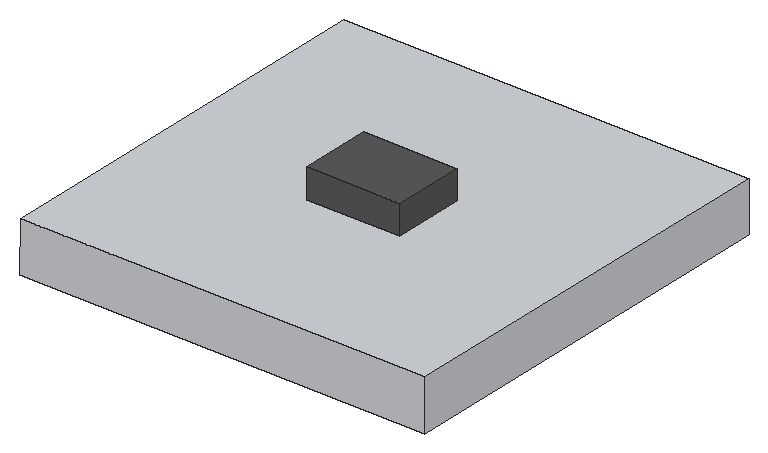
Revit family "r2018_videomax_storage", category Устройства связи, Revit 2018 (continued)
Definition of nested family "videomax_19 4U (JBOD)"
  Lines and regions (mm)
    model lines, visible <- "Back_500", detail levels fine
      curve 605: circle (23.513, 139.044, 0) r 1.912 normal (0, 0, 1)
      curve 606: circle (19.399, 135.648, 0) r 1.91 normal (0, 0, 1)
      curve 607: circle (23.513, 131.905, 0) r 1.912 normal (0, 0, 1)
      curve 608: circle (19.399, 128.509, 0) r 1.91 normal (0, 0, 1)
      curve 609: circle (31.74, 166.906, 0) r 1.912 normal (0, 0, 1)
      curve 610: circle (27.626, 163.51, 0) r 1.91 normal (0, 0, 1)
      curve 611: circle (31.74, 159.767, 0) r 1.912 normal (0, 0, 1)
      curve 612: circle (27.626, 156.371, 0) r 1.91 normal (0, 0, 1)
      curve 613: circle (31.74, 152.947, 0) r 1.912 normal (0, 0, 1)
      curve 614: circle (27.626, 149.552, 0) r 1.91 normal (0, 0, 1)
      curve 615: circle (31.74, 145.808, 0) r 1.912 normal (0, 0, 1)
      curve 616: circle (27.626, 142.412, 0) r 1.91 normal (0, 0, 1)
      curve 617: circle (31.74, 139.233, 0) r 1.912 normal (0, 0, 1)
      curve 618: circle (27.626, 135.837, 0) r 1.91 normal (0, 0, 1)
      curve 619: circle (31.74, 132.093, 0) r 1.912 normal (0, 0, 1)
      curve 620: circle (27.626, 128.697, 0) r 1.91 normal (0, 0, 1)
      curve 621: circle (39.967, 166.812, 0) r 1.912 normal (0, 0, 1)
      curve 622: circle (35.854, 163.416, 0) r 1.91 normal (0, 0, 1)
      curve 623: circle (39.967, 159.672, 0) r 1.912 normal (0, 0, 1)
      curve 624: circle (35.854, 156.276, 0) r 1.91 normal (0, 0, 1)
      curve 625: circle (39.967, 152.853, 0) r 1.912 normal (0, 0, 1)
      curve 626: circle (35.854, 149.457, 0) r 1.91 normal (0, 0, 1)
      curve 627: circle (39.967, 145.713, 0) r 1.912 normal (0, 0, 1)
      curve 628: circle (35.854, 142.318, 0) r 1.91 normal (0, 0, 1)
      curve 629: circle (39.967, 139.138, 0) r 1.912 normal (0, 0, 1)
      curve 630: circle (35.854, 135.743, 0) r 1.91 normal (0, 0, 1)
      curve 631: circle (39.967, 131.999, 0) r 1.912 normal (0, 0, 1)
      curve 632: circle (35.854, 128.603, 0) r 1.91 normal (0, 0, 1)
      curve 633: circle (48.195, 166.717, 0) r 1.912 normal (0, 0, 1)
      curve 634: circle (44.081, 163.322, 0) r 1.91 normal (0, 0, 1)
      curve 635: circle (48.195, 159.578, 0) r 1.912 normal (0, 0, 1)
      curve 636: circle (44.081, 156.182, 0) r 1.91 normal (0, 0, 1)
      curve 637: circle (48.195, 152.759, 0) r 1.912 normal (0, 0, 1)
      curve 638: circle (44.081, 149.363, 0) r 1.91 normal (0, 0, 1)
      curve 639: circle (48.195, 145.619, 0) r 1.912 normal (0, 0, 1)
      curve 640: circle (44.081, 142.223, 0) r 1.91 normal (0, 0, 1)
      curve 641: circle (48.195, 139.044, 0) r 1.912 normal (0, 0, 1)
      curve 642: circle (44.081, 135.648, 0) r 1.91 normal (0, 0, 1)
      curve 643: circle (48.195, 131.905, 0) r 1.912 normal (0, 0, 1)
      curve 644: circle (44.081, 128.509, 0) r 1.91 normal (0, 0, 1)
      curve 645: circle (56.376, 166.812, 0) r 1.912 normal (0, 0, 1)
      curve 646: circle (52.262, 163.416, 0) r 1.91 normal (0, 0, 1)
      curve 647: circle (56.376, 159.672, 0) r 1.912 normal (0, 0, 1)
      curve 648: circle (52.262, 156.276, 0) r 1.91 normal (0, 0, 1)
      curve 649: circle (56.376, 152.853, 0) r 1.912 normal (0, 0, 1)
      curve 650: circle (52.262, 149.457, 0) r 1.91 normal (0, 0, 1)
      curve 651: circle (56.376, 145.713, 0) r 1.912 normal (0, 0, 1)
      curve 652: circle (52.262, 142.318, 0) r 1.91 normal (0, 0, 1)
      curve 653: circle (56.376, 139.138, 0) r 1.912 normal (0, 0, 1)
      curve 654: circle (52.262, 135.743, 0) r 1.91 normal (0, 0, 1)
      curve 655: circle (56.376, 131.999, 0) r 1.912 normal (0, 0, 1)
      curve 656: circle (52.262, 128.603, 0) r 1.91 normal (0, 0, 1)
      curve 657: circle (64.603, 166.717, 0) r 1.912 normal (0, 0, 1)
      curve 658: circle (60.49, 163.322, 0) r 1.91 normal (0, 0, 1)
      curve 659: circle (64.603, 159.578, 0) r 1.912 normal (0, 0, 1)
      curve 660: circle (60.49, 156.182, 0) r 1.91 normal (0, 0, 1)
      curve 661: circle (64.603, 152.759, 0) r 1.912 normal (0, 0, 1)
      curve 662: circle (60.49, 149.363, 0) r 1.91 normal (0, 0, 1)
      curve 663: circle (64.603, 145.619, 0) r 1.912 normal (0, 0, 1)
      curve 664: circle (60.49, 142.223, 0) r 1.91 normal (0, 0, 1)
      curve 665: circle (64.603, 139.044, 0) r 1.912 normal (0, 0, 1)
      curve 666: circle (60.49, 135.648, 0) r 1.91 normal (0, 0, 1)
      curve 667: circle (64.603, 131.905, 0) r 1.912 normal (0, 0, 1)
      curve 668: circle (60.49, 128.509, 0) r 1.91 normal (0, 0, 1)
      curve 669: circle (72.831, 166.906, 0) r 1.912 normal (0, 0, 1)
      curve 670: circle (68.717, 163.51, 0) r 1.91 normal (0, 0, 1)
      curve 671: circle (72.831, 159.767, 0) r 1.912 normal (0, 0, 1)
      curve 672: circle (68.717, 156.371, 0) r 1.91 normal (0, 0, 1)
      curve 673: circle (72.831, 152.947, 0) r 1.912 normal (0, 0, 1)
      curve 674: circle (68.717, 149.552, 0) r 1.91 normal (0, 0, 1)
      curve 675: circle (72.831, 145.808, 0) r 1.912 normal (0, 0, 1)
      curve 676: circle (68.717, 142.412, 0) r 1.91 normal (0, 0, 1)
      curve 677: circle (72.831, 139.233, 0) r 1.912 normal (0, 0, 1)
      curve 678: circle (68.717, 135.837, 0) r 1.91 normal (0, 0, 1)
      curve 679: circle (72.831, 132.093, 0) r 1.912 normal (0, 0, 1)
      curve 680: circle (68.717, 128.697, 0) r 1.91 normal (0, 0, 1)
      curve 681: circle (81.058, 166.67, 0) r 1.912 normal (0, 0, 1)
      curve 682: circle (76.945, 163.274, 0) r 1.91 normal (0, 0, 1)
      curve 683: circle (81.058, 159.531, 0) r 1.912 normal (0, 0, 1)
      curve 684: circle (76.945, 156.135, 0) r 1.91 normal (0, 0, 1)
      curve 685: circle (81.058, 152.712, 0) r 1.912 normal (0, 0, 1)
      curve 686: circle (76.945, 149.316, 0) r 1.91 normal (0, 0, 1)
      curve 687: circle (81.058, 145.572, 0) r 1.912 normal (0, 0, 1)
      curve 688: circle (76.945, 142.176, 0) r 1.91 normal (0, 0, 1)
      curve 689: circle (81.058, 138.997, 0) r 1.912 normal (0, 0, 1)
      curve 690: circle (76.945, 135.601, 0) r 1.91 normal (0, 0, 1)
      curve 691: circle (81.058, 131.857, 0) r 1.912 normal (0, 0, 1)
      curve 692: circle (76.945, 128.462, 0) r 1.91 normal (0, 0, 1)
      curve 693: circle (89.286, 166.812, 0) r 1.912 normal (0, 0, 1)
      curve 694: circle (85.172, 163.416, 0) r 1.91 normal (0, 0, 1)
      curve 695: circle (89.286, 159.672, 0) r 1.912 normal (0, 0, 1)
      curve 696: circle (85.172, 156.276, 0) r 1.91 normal (0, 0, 1)
      curve 697: circle (89.286, 152.853, 0) r 1.912 normal (0, 0, 1)
      curve 698: circle (85.172, 149.457, 0) r 1.91 normal (0, 0, 1)
      curve 699: circle (89.286, 145.713, 0) r 1.912 normal (0, 0, 1)
      curve 700: circle (85.172, 142.318, 0) r 1.91 normal (0, 0, 1)
      curve 701: circle (89.286, 139.138, 0) r 1.912 normal (0, 0, 1)
      curve 702: circle (85.172, 135.743, 0) r 1.91 normal (0, 0, 1)
      curve 703: circle (89.286, 131.999, 0) r 1.912 normal (0, 0, 1)
      curve 704: circle (85.172, 128.603, 0) r 1.91 normal (0, 0, 1)
      curve 705: circle (97.513, 166.717, 0) r 1.912 normal (0, 0, 1)
      curve 706: circle (93.4, 163.322, 0) r 1.91 normal (0, 0, 1)
      curve 707: circle (97.513, 159.578, 0) r 1.912 normal (0, 0, 1)
      curve 708: circle (93.4, 156.182, 0) r 1.91 normal (0, 0, 1)
      curve 709: circle (97.513, 152.759, 0) r 1.912 normal (0, 0, 1)
      curve 710: circle (93.4, 149.363, 0) r 1.91 normal (0, 0, 1)
      curve 711: circle (97.513, 145.619, 0) r 1.912 normal (0, 0, 1)
      curve 712: circle (93.4, 142.223, 0) r 1.91 normal (0, 0, 1)
      curve 713: circle (97.513, 139.044, 0) r 1.912 normal (0, 0, 1)
      curve 714: circle (93.4, 135.648, 0) r 1.91 normal (0, 0, 1)
      curve 715: circle (97.513, 131.905, 0) r 1.912 normal (0, 0, 1)
      curve 716: circle (93.4, 128.509, 0) r 1.91 normal (0, 0, 1)
      curve 717: circle (105.741, 166.906, 0) r 1.912 normal (0, 0, 1)
      curve 718: circle (101.627, 163.51, 0) r 1.91 normal (0, 0, 1)
      curve 719: circle (105.741, 159.767, 0) r 1.912 normal (0, 0, 1)
      curve 720: circle (101.627, 156.371, 0) r 1.91 normal (0, 0, 1)
      curve 721: circle (105.741, 152.947, 0) r 1.912 normal (0, 0, 1)
      curve 722: circle (101.627, 149.552, 0) r 1.91 normal (0, 0, 1)
      curve 723: circle (105.741, 145.808, 0) r 1.912 normal (0, 0, 1)
      curve 724: circle (101.627, 142.412, 0) r 1.91 normal (0, 0, 1)
      curve 725: circle (105.741, 139.233, 0) r 1.912 normal (0, 0, 1)
      curve 726: circle (101.627, 135.837, 0) r 1.91 normal (0, 0, 1)
      curve 727: circle (105.741, 132.093, 0) r 1.912 normal (0, 0, 1)
      curve 728: circle (101.627, 128.697, 0) r 1.91 normal (0, 0, 1)
      curve 729: circle (113.968, 166.812, 0) r 1.912 normal (0, 0, 1)
      curve 730: circle (109.855, 163.416, 0) r 1.91 normal (0, 0, 1)
      curve 731: circle (113.968, 159.672, 0) r 1.912 normal (0, 0, 1)
      curve 732: circle (109.855, 156.276, 0) r 1.91 normal (0, 0, 1)
      curve 733: circle (113.968, 152.853, 0) r 1.912 normal (0, 0, 1)
      curve 734: circle (109.855, 149.457, 0) r 1.91 normal (0, 0, 1)
      curve 735: circle (113.968, 145.713, 0) r 1.912 normal (0, 0, 1)
      curve 736: circle (109.855, 142.318, 0) r 1.91 normal (0, 0, 1)
      curve 737: circle (113.968, 139.138, 0) r 1.912 normal (0, 0, 1)
      curve 738: circle (109.855, 135.743, 0) r 1.91 normal (0, 0, 1)
      curve 739: circle (113.968, 131.999, 0) r 1.912 normal (0, 0, 1)
      curve 740: circle (109.855, 128.603, 0) r 1.91 normal (0, 0, 1)
      curve 741: circle (122.196, 166.717, 0) r 1.912 normal (0, 0, 1)
      curve 742: circle (118.082, 163.322, 0) r 1.91 normal (0, 0, 1)
      curve 743: circle (122.196, 159.578, 0) r 1.912 normal (0, 0, 1)
      curve 744: circle (118.082, 156.182, 0) r 1.91 normal (0, 0, 1)
      curve 745: circle (122.196, 152.759, 0) r 1.912 normal (0, 0, 1)
      curve 746: circle (118.082, 149.363, 0) r 1.91 normal (0, 0, 1)
      curve 747: circle (122.196, 145.619, 0) r 1.912 normal (0, 0, 1)
      curve 748: circle (118.082, 142.223, 0) r 1.91 normal (0, 0, 1)
      curve 749: circle (122.196, 139.044, 0) r 1.912 normal (0, 0, 1)
      curve 750: circle (118.082, 135.648, 0) r 1.91 normal (0, 0, 1)
      curve 751: circle (122.196, 131.905, 0) r 1.912 normal (0, 0, 1)
      curve 752: circle (118.082, 128.509, 0) r 1.91 normal (0, 0, 1)
      curve 753: circle (130.631, 166.812, 0) r 1.912 normal (0, 0, 1)
      curve 754: circle (126.518, 163.416, 0) r 1.91 normal (0, 0, 1)
      curve 755: circle (130.631, 159.672, 0) r 1.912 normal (0, 0, 1)
      curve 756: circle (126.518, 156.276, 0) r 1.91 normal (0, 0, 1)
      curve 757: circle (130.631, 152.853, 0) r 1.912 normal (0, 0, 1)
      curve 758: circle (126.518, 149.457, 0) r 1.91 normal (0, 0, 1)
      curve 759: circle (130.631, 145.713, 0) r 1.912 normal (0, 0, 1)
      curve 760: circle (126.518, 142.318, 0) r 1.91 normal (0, 0, 1)
      curve 761: circle (130.631, 139.138, 0) r 1.912 normal (0, 0, 1)
      curve 762: circle (126.518, 135.743, 0) r 1.91 normal (0, 0, 1)
      curve 763: circle (130.631, 131.999, 0) r 1.912 normal (0, 0, 1)
      curve 764: circle (126.518, 128.603, 0) r 1.91 normal (0, 0, 1)
      curve 765: circle (138.859, 166.717, 0) r 1.912 normal (0, 0, 1)
      curve 766: circle (134.745, 163.322, 0) r 1.91 normal (0, 0, 1)
      curve 767: circle (138.859, 159.578, 0) r 1.912 normal (0, 0, 1)
      curve 768: circle (134.745, 156.182, 0) r 1.91 normal (0, 0, 1)
      curve 769: circle (138.859, 152.759, 0) r 1.912 normal (0, 0, 1)
      curve 770: circle (134.745, 149.363, 0) r 1.91 normal (0, 0, 1)
      curve 771: circle (138.859, 145.619, 0) r 1.912 normal (0, 0, 1)
      curve 772: circle (134.745, 142.223, 0) r 1.91 normal (0, 0, 1)
      curve 773: circle (138.859, 139.044, 0) r 1.912 normal (0, 0, 1)
      curve 774: circle (134.745, 135.648, 0) r 1.91 normal (0, 0, 1)
      curve 775: circle (138.859, 131.905, 0) r 1.912 normal (0, 0, 1)
      curve 776: circle (134.745, 128.509, 0) r 1.91 normal (0, 0, 1)
      curve 777: circle (147.086, 166.906, 0) r 1.912 normal (0, 0, 1)
      curve 778: circle (142.973, 163.51, 0) r 1.91 normal (0, 0, 1)
      curve 779: circle (147.086, 159.767, 0) r 1.912 normal (0, 0, 1)
      curve 780: circle (142.973, 156.371, 0) r 1.91 normal (0, 0, 1)
      curve 781: circle (147.086, 152.947, 0) r 1.912 normal (0, 0, 1)
      curve 782: circle (142.973, 149.552, 0) r 1.91 normal (0, 0, 1)
      curve 783: circle (147.086, 145.808, 0) r 1.912 normal (0, 0, 1)
      curve 784: circle (142.973, 142.412, 0) r 1.91 normal (0, 0, 1)
      curve 785: circle (147.086, 139.233, 0) r 1.912 normal (0, 0, 1)
      curve 786: circle (142.973, 135.837, 0) r 1.91 normal (0, 0, 1)
      curve 787: circle (147.086, 132.093, 0) r 1.912 normal (0, 0, 1)
      curve 788: circle (142.973, 128.697, 0) r 1.91 normal (0, 0, 1)
      curve 789: circle (155.314, 166.67, 0) r 1.912 normal (0, 0, 1)
      curve 790: circle (151.2, 163.274, 0) r 1.91 normal (0, 0, 1)
      curve 791: circle (155.314, 159.531, 0) r 1.912 normal (0, 0, 1)
      curve 792: circle (151.2, 156.135, 0) r 1.91 normal (0, 0, 1)
      curve 793: circle (155.314, 152.712, 0) r 1.912 normal (0, 0, 1)
      curve 794: circle (151.2, 149.316, 0) r 1.91 normal (0, 0, 1)
      curve 795: circle (155.314, 145.572, 0) r 1.912 normal (0, 0, 1)
      curve 796: circle (151.2, 142.176, 0) r 1.91 normal (0, 0, 1)
      curve 797: circle (155.314, 138.997, 0) r 1.912 normal (0, 0, 1)
      curve 798: circle (151.2, 135.601, 0) r 1.91 normal (0, 0, 1)
      curve 799: circle (155.314, 131.857, 0) r 1.912 normal (0, 0, 1)
      curve 800: circle (151.2, 128.462, 0) r 1.91 normal (0, 0, 1)
      curve 801: circle (163.541, 166.812, 0) r 1.912 normal (0, 0, 1)
      curve 802: circle (159.428, 163.416, 0) r 1.91 normal (0, 0, 1)
      curve 803: circle (163.541, 159.672, 0) r 1.912 normal (0, 0, 1)
      curve 804: circle (159.428, 156.276, 0) r 1.91 normal (0, 0, 1)
      curve 805: circle (163.541, 152.853, 0) r 1.912 normal (0, 0, 1)
      curve 806: circle (159.428, 149.457, 0) r 1.91 normal (0, 0, 1)
      curve 807: circle (163.541, 145.713, 0) r 1.912 normal (0, 0, 1)
      curve 808: circle (159.428, 142.318, 0) r 1.91 normal (0, 0, 1)
      curve 809: circle (163.541, 139.138, 0) r 1.912 normal (0, 0, 1)
      curve 810: circle (159.428, 135.743, 0) r 1.91 normal (0, 0, 1)
      curve 811: circle (163.541, 131.999, 0) r 1.912 normal (0, 0, 1)
      curve 812: circle (159.428, 128.603, 0) r 1.91 normal (0, 0, 1)
      curve 813: circle (171.769, 166.717, 0) r 1.912 normal (0, 0, 1)
      curve 814: circle (167.655, 163.322, 0) r 1.91 normal (0, 0, 1)
      curve 815: circle (171.769, 159.578, 0) r 1.912 normal (0, 0, 1)
      curve 816: circle (167.655, 156.182, 0) r 1.91 normal (0, 0, 1)
      curve 817: circle (171.769, 152.759, 0) r 1.912 normal (0, 0, 1)
      curve 818: circle (167.655, 149.363, 0) r 1.91 normal (0, 0, 1)
      curve 819: circle (171.769, 145.619, 0) r 1.912 normal (0, 0, 1)
      curve 820: circle (167.655, 142.223, 0) r 1.91 normal (0, 0, 1)
      curve 821: circle (171.769, 139.044, 0) r 1.912 normal (0, 0, 1)
      curve 822: circle (167.655, 135.648, 0) r 1.91 normal (0, 0, 1)
      curve 823: circle (171.769, 131.905, 0) r 1.912 normal (0, 0, 1)
      curve 824: circle (167.655, 128.509, 0) r 1.91 normal (0, 0, 1)
      curve 825: circle (179.996, 166.906, 0) r 1.912 normal (0, 0, 1)
      curve 826: circle (175.883, 163.51, 0) r 1.91 normal (0, 0, 1)
      curve 827: circle (179.996, 159.767, 0) r 1.912 normal (0, 0, 1)
      curve 828: circle (175.883, 156.371, 0) r 1.91 normal (0, 0, 1)
      curve 829: circle (179.996, 152.947, 0) r 1.912 normal (0, 0, 1)
      curve 830: circle (175.883, 149.552, 0) r 1.91 normal (0, 0, 1)
      curve 831: circle (179.996, 145.808, 0) r 1.912 normal (0, 0, 1)
      curve 832: circle (175.883, 142.412, 0) r 1.91 normal (0, 0, 1)
      curve 833: circle (179.996, 139.233, 0) r 1.912 normal (0, 0, 1)
      curve 834: circle (175.883, 135.837, 0) r 1.91 normal (0, 0, 1)
      curve 835: circle (179.996, 132.093, 0) r 1.912 normal (0, 0, 1)
      curve 836: circle (175.883, 128.697, 0) r 1.91 normal (0, 0, 1)
      curve 837: circle (188.224, 166.812, 0) r 1.912 normal (0, 0, 1)
      curve 838: circle (184.11, 163.416, 0) r 1.91 normal (0, 0, 1)
      curve 839: circle (188.224, 159.672, 0) r 1.912 normal (0, 0, 1)
      curve 840: circle (184.11, 156.276, 0) r 1.91 normal (0, 0, 1)
      curve 841: circle (188.224, 152.853, 0) r 1.912 normal (0, 0, 1)
      curve 842: circle (184.11, 149.457, 0) r 1.91 normal (0, 0, 1)
      curve 843: circle (188.224, 145.713, 0) r 1.912 normal (0, 0, 1)
      curve 844: circle (184.11, 142.318, 0) r 1.91 normal (0, 0, 1)
      curve 845: circle (188.224, 139.138, 0) r 1.912 normal (0, 0, 1)
      curve 846: circle (184.11, 135.743, 0) r 1.91 normal (0, 0, 1)
      curve 847: circle (188.224, 131.999, 0) r 1.912 normal (0, 0, 1)
      curve 848: circle (184.11, 128.603, 0) r 1.91 normal (0, 0, 1)
      curve 849: circle (196.451, 166.717, 0) r 1.912 normal (0, 0, 1)
      curve 850: circle (192.338, 163.322, 0) r 1.91 normal (0, 0, 1)
      curve 851: circle (196.451, 159.578, 0) r 1.912 normal (0, 0, 1)
      curve 852: circle (192.338, 156.182, 0) r 1.91 normal (0, 0, 1)
      curve 853: circle (196.451, 152.759, 0) r 1.912 normal (0, 0, 1)
      curve 854: circle (192.338, 149.363, 0) r 1.91 normal (0, 0, 1)
      curve 855: circle (196.451, 145.619, 0) r 1.912 normal (0, 0, 1)
      curve 856: circle (192.338, 142.223, 0) r 1.91 normal (0, 0, 1)
      curve 857: circle (196.451, 139.044, 0) r 1.912 normal (0, 0, 1)
      curve 858: circle (192.338, 135.648, 0) r 1.91 normal (0, 0, 1)
      curve 859: circle (196.451, 131.905, 0) r 1.912 normal (0, 0, 1)
      curve 860: circle (192.338, 128.509, 0) r 1.91 normal (0, 0, 1)
      curve 939: line (-189.256, 54.546, 0) -> (-190.738, 56.029, 0)
      curve 940: line (-190.738, 37.84, 0) -> (-189.256, 39.323, 0)
      curve 941: line (-185.208, 50.499, 0) -> (-186.348, 51.638, 0)
      curve 942: line (-186.348, 42.23, 0) -> (-185.208, 43.37, 0)
      curve 943: line (-187.005, 52.296, 0) -> (-188.489, 53.78, 0)
      curve 944: line (-188.489, 40.089, 0) -> (-187.005, 41.573, 0)
      curve 945: line (-172.602, 54.546, 0) -> (-171.119, 56.029, 0)
      curve 946: line (-171.119, 37.84, 0) -> (-172.601, 39.323, 0)
      curve 947: line (-176.649, 50.499, 0) -> (-175.509, 51.638, 0)
      curve 948: line (-175.509, 42.23, 0) -> (-176.649, 43.37, 0)
      curve 949: line (-174.852, 52.296, 0) -> (-173.368, 53.78, 0)
      curve 950: line (-173.368, 40.089, 0) -> (-174.852, 41.573, 0)
      curve 951: line (-173.317, 38.607, 0) -> (-171.834, 37.125, 0)
      curve 952: line (-190.023, 37.125, 0) -> (-188.54, 38.607, 0)
      curve 953: line (-177.364, 42.655, 0) -> (-176.225, 41.515, 0)
      curve 954: line (-185.632, 41.515, 0) -> (-184.493, 42.655, 0)
      curve 955: line (-175.567, 40.858, 0) -> (-174.083, 39.374, 0)
      curve 956: line (-187.774, 39.374, 0) -> (-186.29, 40.858, 0)
      curve 957: line (-173.317, 55.261, 0) -> (-171.834, 56.744, 0)
      curve 958: line (-190.023, 56.744, 0) -> (-188.54, 55.261, 0)
      curve 959: line (-177.364, 51.214, 0) -> (-176.225, 52.354, 0)
      curve 960: line (-185.632, 52.354, 0) -> (-184.493, 51.214, 0)
      curve 961: line (-175.567, 53.011, 0) -> (-174.083, 54.495, 0)
      curve 962: line (-187.774, 54.495, 0) -> (-186.29, 53.011, 0)
      curve 963: line (-147.3, 54.736, 0) -> (-148.783, 56.218, 0)
      curve 964: line (-148.783, 38.029, 0) -> (-147.3, 39.512, 0)
      curve 965: line (-143.253, 50.688, 0) -> (-144.392, 51.828, 0)
      curve 966: line (-144.392, 42.42, 0) -> (-143.253, 43.559, 0)
      curve 967: line (-145.049, 52.485, 0) -> (-146.533, 53.969, 0)
      curve 968: line (-146.533, 40.278, 0) -> (-145.049, 41.763, 0)
      curve 969: line (-130.646, 54.736, 0) -> (-129.163, 56.218, 0)
      curve 970: line (-129.163, 38.029, 0) -> (-130.646, 39.512, 0)
      curve 971: line (-134.693, 50.688, 0) -> (-133.554, 51.828, 0)
      curve 972: line (-133.554, 42.42, 0) -> (-134.693, 43.559, 0)
      curve 973: line (-132.896, 52.485, 0) -> (-131.412, 53.969, 0)
      curve 974: line (-131.412, 40.278, 0) -> (-132.896, 41.763, 0)
      curve 975: line (-131.361, 38.797, 0) -> (-129.878, 37.314, 0)
      curve 976: line (-148.067, 37.314, 0) -> (-146.585, 38.797, 0)
      curve 977: line (-135.408, 42.844, 0) -> (-134.269, 41.705, 0)
      curve 978: line (-143.677, 41.705, 0) -> (-142.537, 42.844, 0)
      curve 979: line (-133.612, 41.047, 0) -> (-132.127, 39.563, 0)
      curve 980: line (-145.818, 39.563, 0) -> (-144.334, 41.047, 0)
      curve 981: line (-131.361, 55.451, 0) -> (-129.878, 56.934, 0)
      curve 982: line (-148.067, 56.934, 0) -> (-146.585, 55.451, 0)
      curve 983: line (-135.408, 51.403, 0) -> (-134.269, 52.543, 0)
      curve 984: line (-143.677, 52.543, 0) -> (-142.537, 51.403, 0)
      curve 985: line (-133.612, 53.2, 0) -> (-132.127, 54.684, 0)
      curve 986: line (-145.818, 54.684, 0) -> (-144.334, 53.2, 0)
      curve 987: line (-162.641, 65.63, 0) -> (-192.028, 65.63, 0)
      curve 988: line (-192.028, 65.63, 0) -> (-195.871, 64.382, 0)
      curve 989: line (-195.871, 64.382, 0) -> (-198.152, 61.111, 0)
      curve 990: line (-198.152, 61.111, 0) -> (-198.424, 59.179, 0)
      curve 991: line (-198.424, 59.179, 0) -> (-198.424, 37.096, 0)
      curve 992: line (-198.424, 37.096, 0) -> (-197.928, 33.056, 0)
      curve 993: line (-197.928, 33.056, 0) -> (-195.352, 30.078, 0)
      curve 994: line (-195.352, 30.078, 0) -> (-191.719, 29.151, 0)
      curve 995: line (-191.719, 29.151, 0) -> (-163.886, 29.151, 0)
      curve 996: line (-163.886, 29.151, 0) -> (-162.63, 29.202, 0)
      curve 997: line (-162.63, 29.202, 0) -> (-162.63, 31.41, 0)
      curve 998: line (-162.63, 31.41, 0) -> (-163.31, 32.093, 0)
      curve 999: line (-163.31, 32.093, 0) -> (-189.457, 32.093, 0)
      curve 1000: line (-189.457, 32.093, 0) -> (-192.683, 32.741, 0)
      curve 1001: line (-192.683, 32.741, 0) -> (-194.962, 35.131, 0)
      curve 1002: line (-194.962, 35.131, 0) -> (-195.49, 38.301, 0)
      curve 1003: line (-195.49, 38.301, 0) -> (-195.49, 57.082, 0)
      curve 1004: line (-195.49, 57.082, 0) -> (-194.738, 60.12, 0)
      curve 1005: line (-194.738, 60.12, 0) -> (-192.2, 62.286, 0)
      curve 1006: line (-192.2, 62.286, 0) -> (-188.341, 62.656, 0)
      curve 1007: line (-188.341, 62.656, 0) -> (-162.718, 62.656, 0)
      curve 1008: line (-162.718, 62.656, 0) -> (-162.633, 63.611, 0)
      curve 1009: line (-162.633, 63.611, 0) -> (-162.641, 65.63, 0)
      curve 1010: line (-120.835, 65.631, 0) -> (-150.221, 65.631, 0)
      curve 1011: line (-150.221, 65.631, 0) -> (-154.064, 64.383, 0)
      curve 1012: line (-154.064, 64.383, 0) -> (-156.345, 61.112, 0)
      curve 1013: line (-156.345, 61.112, 0) -> (-156.618, 59.18, 0)
      curve 1014: line (-156.618, 59.18, 0) -> (-156.618, 37.097, 0)
      curve 1015: line (-156.618, 37.097, 0) -> (-156.122, 33.057, 0)
      curve 1016: line (-156.122, 33.057, 0) -> (-153.546, 30.079, 0)
      curve 1017: line (-153.546, 30.079, 0) -> (-149.913, 29.152, 0)
      curve 1018: line (-149.913, 29.152, 0) -> (-122.08, 29.152, 0)
      curve 1022: line (-121.503, 32.093, 0) -> (-147.651, 32.093, 0)
      curve 1023: line (-147.651, 32.093, 0) -> (-150.876, 32.742, 0)
      curve 1024: line (-150.876, 32.742, 0) -> (-153.156, 35.132, 0)
      curve 1025: line (-153.156, 35.132, 0) -> (-153.684, 38.302, 0)
      curve 1026: line (-153.684, 38.302, 0) -> (-153.684, 57.083, 0)
      curve 1027: line (-153.684, 57.083, 0) -> (-152.931, 60.121, 0)
      curve 1028: line (-152.931, 60.121, 0) -> (-150.394, 62.287, 0)
      curve 1029: line (-150.394, 62.287, 0) -> (-146.534, 62.657, 0)
      curve 1030: line (-146.534, 62.657, 0) -> (-120.911, 62.657, 0)
      curve 1033: line (-194.278, 27.775, 0) -> (-169.815, 27.775, 0)
      curve 1034: line (-169.815, 27.775, 0) -> (-167.574, 27.699, 0)
      curve 1035: line (-167.574, 27.699, 0) -> (-165.859, 26.406, 0)
      curve 1036: line (-165.859, 26.406, 0) -> (-165.562, 25.288, 0)
      curve 1037: line (-165.562, 25.288, 0) -> (-165.562, 6.095, 0)
      curve 1038: line (-165.562, 6.095, 0) -> (-165.98, 5.082, 0)
      curve 1039: line (-165.98, 5.082, 0) -> (-167.85, 3.953, 0)
      curve 1040: line (-167.85, 3.953, 0) -> (-194.511, 3.953, 0)
      curve 1041: line (-194.511, 3.953, 0) -> (-196.34, 5.06, 0)
      curve 1042: line (-196.34, 5.06, 0) -> (-196.729, 6.109, 0)
      curve 1043: line (-196.729, 6.109, 0) -> (-196.792, 25.233, 0)
      curve 1044: line (-196.792, 25.233, 0) -> (-196.69, 25.877, 0)
      curve 1045: line (-196.69, 25.877, 0) -> (-196.198, 26.827, 0)
      curve 1046: line (-196.198, 26.827, 0) -> (-194.278, 27.775, 0)
      curve 1047: line (-193.387, 19.461, 0) -> (-189.242, 23.868, 0)
      curve 1048: line (-189.242, 23.868, 0) -> (-174.281, 24.055, 0)
      curve 1049: line (-174.281, 24.055, 0) -> (-169.046, 19.581, 0)
      curve 1050: line (-168.169, 17.481, 0) -> (-168.169, 8.747, 0)
      curve 1051: line (-168.169, 8.747, 0) -> (-168.434, 7.11, 0)
      curve 1052: line (-168.434, 7.11, 0) -> (-168.946, 6.786, 0)
      curve 1053: line (-168.946, 6.786, 0) -> (-192.181, 6.786, 0)
      curve 1054: line (-192.181, 6.786, 0) -> (-193.948, 7.148, 0)
      curve 1055: line (-193.948, 7.148, 0) -> (-194.151, 7.715, 0)
      curve 1056: line (-194.151, 7.715, 0) -> (-194.151, 17.614, 0)
      curve 1057: line (-152.445, 27.773, 0) -> (-127.981, 27.773, 0)
      curve 1058: line (-127.981, 27.773, 0) -> (-125.74, 27.697, 0)
      curve 1059: line (-125.74, 27.697, 0) -> (-124.025, 26.403, 0)
      curve 1060: line (-124.025, 26.403, 0) -> (-123.729, 25.286, 0)
      curve 1061: line (-123.729, 25.286, 0) -> (-123.729, 6.093, 0)
      curve 1062: line (-123.729, 6.093, 0) -> (-124.147, 5.08, 0)
      curve 1063: line (-124.147, 5.08, 0) -> (-126.016, 3.95, 0)
      curve 1064: line (-126.016, 3.95, 0) -> (-152.677, 3.95, 0)
      curve 1065: line (-152.677, 3.95, 0) -> (-154.506, 5.058, 0)
      curve 1066: line (-154.506, 5.058, 0) -> (-154.895, 6.107, 0)
      curve 1067: line (-154.895, 6.107, 0) -> (-154.958, 25.23, 0)
      curve 1068: line (-154.958, 25.23, 0) -> (-154.856, 25.875, 0)
      curve 1069: line (-154.856, 25.875, 0) -> (-154.364, 26.825, 0)
      curve 1070: line (-154.364, 26.825, 0) -> (-152.445, 27.773, 0)
      curve 1071: line (-188.815, 14.934, 0) -> (-187.588, 14.934, 0)
      curve 1072: line (-187.588, 14.934, 0) -> (-187.588, 12.553, 0)
      curve 1073: line (-187.588, 12.553, 0) -> (-188.815, 12.553, 0)
      curve 1074: line (-188.815, 12.553, 0) -> (-188.815, 14.934, 0)
      curve 1075: line (-181.775, 19.084, 0) -> (-180.549, 19.084, 0)
      curve 1076: line (-180.549, 19.084, 0) -> (-180.549, 16.703, 0)
      curve 1077: line (-180.549, 16.703, 0) -> (-181.775, 16.703, 0)
      curve 1078: line (-181.775, 16.703, 0) -> (-181.775, 19.084, 0)
      curve 1079: line (-174.736, 14.934, 0) -> (-173.51, 14.934, 0)
      curve 1080: line (-173.51, 14.934, 0) -> (-173.51, 12.553, 0)
      curve 1081: line (-173.51, 12.553, 0) -> (-174.736, 12.553, 0)
      curve 1082: line (-174.736, 12.553, 0) -> (-174.736, 14.934, 0)
      curve 1091: line (-151.596, 19.461, 0) -> (-147.451, 23.868, 0)
      curve 1092: line (-147.451, 23.868, 0) -> (-132.49, 24.055, 0)
      curve 1093: line (-132.49, 24.055, 0) -> (-127.255, 19.581, 0)
      curve 1094: line (-126.377, 17.481, 0) -> (-126.377, 8.747, 0)
      curve 1095: line (-126.377, 8.747, 0) -> (-126.643, 7.11, 0)
      curve 1096: line (-126.643, 7.11, 0) -> (-127.155, 6.786, 0)
      curve 1097: line (-127.155, 6.786, 0) -> (-150.39, 6.786, 0)
      curve 1098: line (-150.39, 6.786, 0) -> (-152.157, 7.148, 0)
      curve 1099: line (-152.157, 7.148, 0) -> (-152.36, 7.715, 0)
      curve 1100: line (-152.36, 7.715, 0) -> (-152.36, 17.614, 0)
      curve 1101: line (-147.024, 14.934, 0) -> (-145.797, 14.934, 0)
      curve 1102: line (-145.797, 14.934, 0) -> (-145.797, 12.553, 0)
      curve 1103: line (-145.797, 12.553, 0) -> (-147.024, 12.553, 0)
      curve 1104: line (-147.024, 12.553, 0) -> (-147.024, 14.934, 0)
      curve 1105: line (-139.984, 19.084, 0) -> (-138.758, 19.084, 0)
      curve 1106: line (-138.758, 19.084, 0) -> (-138.758, 16.703, 0)
      curve 1107: line (-138.758, 16.703, 0) -> (-139.984, 16.703, 0)
      curve 1108: line (-139.984, 16.703, 0) -> (-139.984, 19.084, 0)
      curve 1109: line (-132.945, 14.934, 0) -> (-131.719, 14.934, 0)
      curve 1110: line (-131.719, 14.934, 0) -> (-131.719, 12.553, 0)
      curve 1111: line (-131.719, 12.553, 0) -> (-132.945, 12.553, 0)
      curve 1112: line (-132.945, 12.553, 0) -> (-132.945, 14.934, 0)
      curve 1113: line (-71.498, 104.063, 0) -> (-73.992, 106.558, 0)
      curve 1114: line (-73.992, 75.963, 0) -> (-71.498, 78.457, 0)
      curve 1115: line (-64.69, 97.256, 0) -> (-66.607, 99.172, 0)
      curve 1116: line (-66.607, 83.348, 0) -> (-64.69, 85.265, 0)
      curve 1117: line (-67.712, 100.278, 0) -> (-70.209, 102.774, 0)
      curve 1118: line (-70.209, 79.746, 0) -> (-67.712, 82.242, 0)
      curve 1119: line (-43.485, 104.063, 0) -> (-40.991, 106.558, 0)
      curve 1120: line (-40.991, 75.963, 0) -> (-43.485, 78.457, 0)
      curve 1121: line (-50.293, 97.256, 0) -> (-48.377, 99.172, 0)
      curve 1122: line (-48.376, 83.348, 0) -> (-50.293, 85.265, 0)
      curve 1123: line (-47.271, 100.278, 0) -> (-44.775, 102.774, 0)
      curve 1124: line (-44.774, 79.746, 0) -> (-47.271, 82.242, 0)
      curve 1125: line (-44.688, 77.254, 0) -> (-42.194, 74.76, 0)
      curve 1126: line (-72.789, 74.76, 0) -> (-70.295, 77.254, 0)
      curve 1127: line (-51.496, 84.061, 0) -> (-49.579, 82.145, 0)
      curve 1128: line (-65.404, 82.145, 0) -> (-63.487, 84.061, 0)
      curve 1129: line (-48.474, 81.039, 0) -> (-45.977, 78.543, 0)
      curve 1130: line (-69.006, 78.543, 0) -> (-66.509, 81.039, 0)
      curve 1131: line (-44.688, 105.266, 0) -> (-42.194, 107.76, 0)
      curve 1132: line (-72.789, 107.76, 0) -> (-70.295, 105.266, 0)
      curve 1133: line (-51.496, 98.459, 0) -> (-49.579, 100.375, 0)
      curve 1134: line (-65.404, 100.375, 0) -> (-63.487, 98.459, 0)
      curve 1135: line (-48.474, 101.481, 0) -> (-45.977, 103.977, 0)
      curve 1136: line (-69.006, 103.977, 0) -> (-66.509, 101.481, 0)
      curve 1141: line (5.096, 104.063, 0) -> (2.602, 106.558, 0)
      curve 1142: line (2.602, 75.963, 0) -> (5.096, 78.457, 0)
      curve 1143: line (11.904, 97.256, 0) -> (9.987, 99.172, 0)
      curve 1144: line (9.987, 83.348, 0) -> (11.904, 85.265, 0)
      curve 1145: line (8.882, 100.278, 0) -> (6.385, 102.774, 0)
      curve 1146: line (6.385, 79.746, 0) -> (8.882, 82.242, 0)
      curve 1147: line (33.109, 104.063, 0) -> (35.603, 106.558, 0)
      curve 1148: line (35.603, 75.963, 0) -> (33.109, 78.457, 0)
      curve 1149: line (26.301, 97.256, 0) -> (28.217, 99.172, 0)
      curve 1150: line (28.218, 83.348, 0) -> (26.301, 85.265, 0)
      curve 1151: line (29.323, 100.278, 0) -> (31.819, 102.774, 0)
      curve 1152: line (31.82, 79.746, 0) -> (29.323, 82.242, 0)
      curve 1153: line (31.906, 77.254, 0) -> (34.4, 74.76, 0)
      curve 1154: line (3.805, 74.76, 0) -> (6.299, 77.254, 0)
      curve 1155: line (25.098, 84.061, 0) -> (27.015, 82.145, 0)
      curve 1156: line (11.19, 82.145, 0) -> (13.107, 84.061, 0)
      curve 1157: line (28.12, 81.039, 0) -> (30.617, 78.543, 0)
      curve 1158: line (7.588, 78.543, 0) -> (10.085, 81.039, 0)
      curve 1159: line (31.906, 105.266, 0) -> (34.4, 107.76, 0)
      curve 1160: line (3.805, 107.76, 0) -> (6.299, 105.266, 0)
      curve 1161: line (25.098, 98.459, 0) -> (27.015, 100.375, 0)
      curve 1162: line (11.19, 100.375, 0) -> (13.107, 98.459, 0)
      curve 1163: line (28.12, 101.481, 0) -> (30.617, 103.977, 0)
      curve 1164: line (7.588, 103.977, 0) -> (10.085, 101.481, 0)
      curve 1205: line (14.352, 24.547, 0) -> (14.352, 15.979, 0)
      curve 1206: line (14.352, 15.979, 0) -> (29.822, 15.979, 0)
      curve 1207: line (29.822, 15.979, 0) -> (29.822, 24.547, 0)
      curve 1208: line (29.822, 24.547, 0) -> (25.035, 24.547, 0)
      curve 1209: line (25.035, 24.547, 0) -> (25.035, 26.032, 0)
      curve 1210: line (25.035, 26.032, 0) -> (19.015, 26.032, 0)
      curve 1211: line (19.015, 26.032, 0) -> (19.015, 24.547, 0)
      curve 1212: line (19.015, 24.547, 0) -> (14.352, 24.547, 0)
      curve 1213: line (33.14, 24.547, 0) -> (33.14, 15.979, 0)
      curve 1214: line (33.14, 15.979, 0) -> (48.61, 15.979, 0)
      curve 1215: line (48.61, 15.979, 0) -> (48.61, 24.547, 0)
      curve 1216: line (48.61, 24.547, 0) -> (43.823, 24.547, 0)
      curve 1217: line (43.823, 24.547, 0) -> (43.823, 26.032, 0)
      curve 1218: line (43.823, 26.032, 0) -> (37.803, 26.032, 0)
      curve 1219: line (37.803, 26.032, 0) -> (37.803, 24.547, 0)
      curve 1220: line (37.803, 24.547, 0) -> (33.14, 24.547, 0)
      curve 1221: line (-11.459, 23.282, 0) -> (1.701, 23.282, 0)
      curve 1222: line (2.387, 22.279, 0) -> (1.746, 17.105, 0)
      curve 1223: line (0.762, 16.248, 0) -> (-10.317, 16.248, 0)
      curve 1224: line (-11.34, 17.093, 0) -> (-12.251, 22.135, 0)
      curve 1225: line (-47.726, 23.282, 0) -> (-34.566, 23.282, 0)
      curve 1226: line (-33.88, 22.279, 0) -> (-34.521, 17.105, 0)
      curve 1227: line (-35.505, 16.248, 0) -> (-46.584, 16.248, 0)
      curve 1228: line (-47.607, 17.093, 0) -> (-48.518, 22.135, 0)
      curve 1229: line (-71.916, 25.264, 0) -> (-57.847, 25.264, 0)
      curve 1230: line (-57.847, 25.264, 0) -> (-57.847, 31.538, 0)
      curve 1231: line (-57.847, 31.538, 0) -> (-71.916, 31.538, 0)
      curve 1232: line (-71.916, 31.538, 0) -> (-71.916, 25.264, 0)
      curve 1233: line (-71.916, 16.582, 0) -> (-57.847, 16.582, 0)
      curve 1234: line (-57.847, 16.582, 0) -> (-57.847, 22.856, 0)
      curve 1235: line (-57.847, 22.856, 0) -> (-71.916, 22.856, 0)
      curve 1236: line (-71.916, 22.856, 0) -> (-71.916, 16.582, 0)
      curve 1237: line (-69.825, 27.672, 0) -> (-59.938, 27.672, 0)
      curve 1238: line (-69.825, 18.99, 0) -> (-59.938, 18.99, 0)
      curve 1239: line (-41.094, 41.433, 0) -> (-4.324, 41.433, 0)
      curve 1240: line (-3.637, 40.431, 0) -> (-4.279, 35.256, 0)
      curve 1241: line (-5.262, 34.399, 0) -> (-39.951, 34.399, 0)
      curve 1242: line (-40.975, 35.245, 0) -> (-41.886, 40.287, 0)
      curve 1243: line (76.433, 44.979, 0) -> (76.433, 31.819, 0)
      curve 1244: line (75.431, 31.133, 0) -> (70.256, 31.774, 0)
      curve 1245: line (69.399, 32.758, 0) -> (69.399, 43.837, 0)
      curve 1246: line (70.245, 44.86, 0) -> (75.287, 45.771, 0)
      curve 1247: line (76.549, 79.753, 0) -> (76.549, 66.593, 0)
      curve 1248: line (75.547, 65.907, 0) -> (70.372, 66.548, 0)
      curve 1249: line (69.515, 67.532, 0) -> (69.515, 78.611, 0)
      curve 1250: line (70.361, 79.634, 0) -> (75.403, 80.545, 0)
      curve 1255: line (-99.279, 99.927, 0) -> (-90.742, 99.927, 0)
      curve 1256: line (-90.742, 99.927, 0) -> (-90.742, 78.919, 0)
      curve 1257: line (-90.742, 78.919, 0) -> (-99.279, 78.919, 0)
      curve 1258: line (-99.279, 78.919, 0) -> (-99.279, 99.927, 0)
      curve 1259: line (-96.968, 83.624, 0) -> (-96.968, 94.579, 0)
      curve 1260: line (-92.723, 94.579, 0) -> (-92.723, 83.624, 0)
      curve 2331: arc (320.879, 244.489, 0) -> (317.312, 235.394, 0) -> (320.879, 226.299, 0) r 13.376
      curve 2332: arc (322.362, 227.782, 0) -> (319.408, 235.394, 0) -> (322.362, 243.006, 0) r 11.282
      curve 2333: arc (325.27, 240.098, 0) -> (323.967, 237.905, 0) -> (323.513, 235.394, 0) r 7.176
      curve 2334: arc (323.513, 235.394, 0) -> (323.967, 232.883, 0) -> (325.27, 230.69, 0) r 7.176
      curve 2335: arc (326.41, 231.83, 0) -> (325.452, 233.499, 0) -> (325.12, 235.394, 0) r 5.57
      curve 2336: arc (325.12, 235.394, 0) -> (325.452, 237.289, 0) -> (326.41, 238.959, 0) r 5.57
      curve 2337: arc (323.129, 242.24, 0) -> (321.173, 239.062, 0) -> (320.49, 235.394, 0) r 10.199
      curve 2338: arc (320.49, 235.394, 0) -> (321.173, 231.726, 0) -> (323.129, 228.549, 0) r 10.199
      curve 2339: arc (324.613, 230.033, 0) -> (323.11, 232.528, 0) -> (322.586, 235.394, 0) r 8.103
      curve 2340: arc (322.586, 235.394, 0) -> (323.11, 238.26, 0) -> (324.613, 240.755, 0) r 8.103
      curve 2341: arc (340.499, 244.489, 0) -> (344.067, 235.394, 0) -> (340.499, 226.299, 0) r 13.376
      curve 2342: arc (339.016, 227.782, 0) -> (341.971, 235.394, 0) -> (339.016, 243.006, 0) r 11.282
      curve 2343: arc (336.109, 240.098, 0) -> (337.412, 237.905, 0) -> (337.865, 235.394, 0) r 7.176
      curve 2344: arc (337.865, 235.394, 0) -> (337.412, 232.883, 0) -> (336.109, 230.69, 0) r 7.176
      curve 2345: arc (334.969, 231.83, 0) -> (335.927, 233.499, 0) -> (336.259, 235.394, 0) r 5.57
      curve 2346: arc (336.259, 235.394, 0) -> (335.927, 237.289, 0) -> (334.969, 238.959, 0) r 5.57
      curve 2347: arc (338.25, 242.24, 0) -> (340.206, 239.062, 0) -> (340.889, 235.394, 0) r 10.199
      curve 2348: arc (340.889, 235.394, 0) -> (340.206, 231.726, 0) -> (338.25, 228.549, 0) r 10.199
      curve 2349: arc (336.766, 230.033, 0) -> (338.269, 232.528, 0) -> (338.793, 235.394, 0) r 8.103
      curve 2350: arc (338.793, 235.394, 0) -> (338.269, 238.26, 0) -> (336.766, 240.755, 0) r 8.103
      curve 2351: arc (339.784, 225.584, 0) -> (330.689, 222.016, 0) -> (321.595, 225.584, 0) r 13.376
      curve 2352: arc (323.078, 227.067, 0) -> (330.689, 224.112, 0) -> (338.301, 227.067, 0) r 11.282
      curve 2353: arc (335.393, 229.975, 0) -> (333.2, 228.672, 0) -> (330.689, 228.218, 0) r 7.176
      curve 2354: arc (330.689, 228.218, 0) -> (328.179, 228.672, 0) -> (325.985, 229.975, 0) r 7.176
      curve 2355: arc (327.125, 231.114, 0) -> (328.794, 230.157, 0) -> (330.689, 229.824, 0) r 5.57
      curve 2356: arc (330.689, 229.824, 0) -> (332.585, 230.157, 0) -> (334.254, 231.114, 0) r 5.57
      curve 2357: arc (337.535, 227.833, 0) -> (334.358, 225.877, 0) -> (330.689, 225.195, 0) r 10.199
      curve 2358: arc (330.689, 225.195, 0) -> (327.021, 225.877, 0) -> (323.844, 227.833, 0) r 10.199
      curve 2359: arc (325.328, 229.318, 0) -> (327.824, 227.814, 0) -> (330.689, 227.291, 0) r 8.103
      curve 2360: arc (330.689, 227.291, 0) -> (333.555, 227.814, 0) -> (336.051, 229.318, 0) r 8.103
      curve 2361: arc (339.784, 245.204, 0) -> (330.689, 248.772, 0) -> (321.595, 245.204, 0) r 13.376
      curve 2362: arc (323.078, 243.721, 0) -> (330.689, 246.676, 0) -> (338.301, 243.721, 0) r 11.282
      curve 2363: arc (335.393, 240.813, 0) -> (333.2, 242.116, 0) -> (330.689, 242.57, 0) r 7.176
      curve 2364: arc (330.689, 242.57, 0) -> (328.179, 242.116, 0) -> (325.985, 240.813, 0) r 7.176
      curve 2365: arc (327.125, 239.674, 0) -> (328.794, 240.631, 0) -> (330.689, 240.964, 0) r 5.57
      curve 2366: arc (330.689, 240.964, 0) -> (332.585, 240.631, 0) -> (334.254, 239.674, 0) r 5.57
      curve 2367: arc (337.535, 242.955, 0) -> (334.358, 244.911, 0) -> (330.689, 245.593, 0) r 10.199
      curve 2368: arc (330.689, 245.593, 0) -> (327.021, 244.911, 0) -> (323.844, 242.955, 0) r 10.199
      curve 2369: arc (325.328, 241.471, 0) -> (327.824, 242.974, 0) -> (330.689, 243.497, 0) r 8.103
      curve 2370: arc (330.689, 243.497, 0) -> (333.555, 242.974, 0) -> (336.051, 241.47, 0) r 8.103
      curve 2371: arc (362.835, 244.678, 0) -> (359.267, 235.583, 0) -> (362.835, 226.489, 0) r 13.376
      curve 2372: arc (364.318, 227.971, 0) -> (361.363, 235.583, 0) -> (364.318, 243.195, 0) r 11.282
      curve 2373: arc (367.226, 240.287, 0) -> (365.923, 238.094, 0) -> (365.469, 235.583, 0) r 7.176
      curve 2374: arc (365.469, 235.583, 0) -> (365.923, 233.073, 0) -> (367.226, 230.879, 0) r 7.176
      curve 2375: arc (368.365, 232.019, 0) -> (367.408, 233.688, 0) -> (367.075, 235.583, 0) r 5.57
      curve 2376: arc (367.075, 235.583, 0) -> (367.408, 237.479, 0) -> (368.365, 239.148, 0) r 5.57
      curve 2377: arc (365.085, 242.429, 0) -> (363.128, 239.252, 0) -> (362.446, 235.583, 0) r 10.199
      curve 2378: arc (362.446, 235.583, 0) -> (363.128, 231.915, 0) -> (365.085, 228.738, 0) r 10.199
      curve 2379: arc (366.569, 230.222, 0) -> (365.065, 232.718, 0) -> (364.542, 235.583, 0) r 8.103
      curve 2380: arc (364.542, 235.583, 0) -> (365.065, 238.449, 0) -> (366.569, 240.945, 0) r 8.103
      curve 2381: arc (382.455, 244.678, 0) -> (386.023, 235.583, 0) -> (382.455, 226.489, 0) r 13.376
      curve 2382: arc (380.972, 227.971, 0) -> (383.927, 235.583, 0) -> (380.972, 243.195, 0) r 11.282
      curve 2383: arc (378.064, 240.287, 0) -> (379.368, 238.094, 0) -> (379.821, 235.583, 0) r 7.176
      curve 2384: arc (379.821, 235.583, 0) -> (379.368, 233.073, 0) -> (378.064, 230.879, 0) r 7.176
      curve 2385: arc (376.925, 232.019, 0) -> (377.883, 233.688, 0) -> (378.215, 235.583, 0) r 5.57
      curve 2386: arc (378.215, 235.583, 0) -> (377.883, 237.479, 0) -> (376.925, 239.148, 0) r 5.57
      curve 2387: arc (380.206, 242.429, 0) -> (382.162, 239.252, 0) -> (382.844, 235.583, 0) r 10.199
      curve 2388: arc (382.844, 235.583, 0) -> (382.162, 231.915, 0) -> (380.206, 228.738, 0) r 10.199
      curve 2389: arc (378.722, 230.222, 0) -> (380.225, 232.718, 0) -> (380.749, 235.583, 0) r 8.103
      curve 2390: arc (380.749, 235.583, 0) -> (380.225, 238.449, 0) -> (378.722, 240.945, 0) r 8.103
      curve 2391: arc (381.74, 225.773, 0) -> (372.645, 222.206, 0) -> (363.55, 225.773, 0) r 13.376
      curve 2392: arc (365.033, 227.256, 0) -> (372.645, 224.301, 0) -> (380.257, 227.256, 0) r 11.282
      curve 2393: arc (377.349, 230.164, 0) -> (375.156, 228.861, 0) -> (372.645, 228.407, 0) r 7.176
      curve 2394: arc (372.645, 228.407, 0) -> (370.135, 228.861, 0) -> (367.941, 230.164, 0) r 7.176
      curve 2395: arc (369.081, 231.304, 0) -> (370.75, 230.346, 0) -> (372.645, 230.014, 0) r 5.57
      curve 2396: arc (372.645, 230.014, 0) -> (374.541, 230.346, 0) -> (376.21, 231.304, 0) r 5.57
      curve 2397: arc (379.491, 228.023, 0) -> (376.313, 226.067, 0) -> (372.645, 225.384, 0) r 10.199
      curve 2398: arc (372.645, 225.384, 0) -> (368.977, 226.067, 0) -> (365.8, 228.023, 0) r 10.199
      curve 2399: arc (367.284, 229.507, 0) -> (369.779, 228.004, 0) -> (372.645, 227.48, 0) r 8.103
      curve 2400: arc (372.645, 227.48, 0) -> (375.511, 228.004, 0) -> (378.006, 229.507, 0) r 8.103
      curve 2401: arc (381.74, 245.393, 0) -> (372.645, 248.961, 0) -> (363.55, 245.393, 0) r 13.376
      curve 2402: arc (365.033, 243.91, 0) -> (372.645, 246.865, 0) -> (380.257, 243.91, 0) r 11.282
      curve 2403: arc (377.349, 241.002, 0) -> (375.156, 242.306, 0) -> (372.645, 242.759, 0) r 7.176
      curve 2404: arc (372.645, 242.759, 0) -> (370.135, 242.306, 0) -> (367.941, 241.003, 0) r 7.176
      curve 2405: arc (369.081, 239.863, 0) -> (370.75, 240.821, 0) -> (372.645, 241.153, 0) r 5.57
      curve 2406: arc (372.645, 241.153, 0) -> (374.541, 240.821, 0) -> (376.21, 239.863, 0) r 5.57
      curve 2407: arc (379.491, 243.144, 0) -> (376.313, 245.1, 0) -> (372.645, 245.783, 0) r 10.199
      curve 2408: arc (372.645, 245.783, 0) -> (368.977, 245.1, 0) -> (365.8, 243.144, 0) r 10.199
      curve 2409: arc (367.284, 241.66, 0) -> (369.779, 243.163, 0) -> (372.645, 243.687, 0) r 8.103
      curve 2410: arc (372.645, 243.687, 0) -> (375.511, 243.163, 0) -> (378.006, 241.66, 0) r 8.103
      curve 2411: arc (342.572, 208.041, 0) -> (343.304, 207.114, 0) -> (343.449, 205.941, 0) r 2.193
      curve 2412: arc (317.467, 206.074, 0) -> (317.629, 207.088, 0) -> (318.231, 207.92, 0) r 2.215
      curve 2413: circle (304.659, 265.696, 0) r 3.066 normal (0, 0, 1)
      curve 2414: circle (304.659, 195.271, 0) r 3.066 normal (0, 0, 1)
      curve 2415: circle (344.494, 262.276, 0) r 3.067 normal (0, 0, 1)
      curve 2416: circle (386.298, 262.276, 0) r 3.066 normal (0, 0, 1)
      curve 2417: circle (398.057, 265.696, 0) r 3.067 normal (0, 0, 1)
      curve 2418: circle (430.818, 222.93, 0) r 4.437 normal (0, 0, 1)
      curve 2419: circle (430.818, 209.032, 0) r 4.437 normal (0, 0, 1)
      curve 2420: circle (398.057, 195.271, 0) r 3.067 normal (0, 0, 1)
      curve 2421: circle (459.378, 208.185, 0) r 1.743 normal (0, 0, 1)
      curve 2422: circle (481.639, 208.185, 0) r 1.744 normal (0, 0, 1)
      curve 2423: circle (465.601, 226.374, 0) r 1.743 normal (0, 0, 1)
      curve 2424: circle (511.916, 226.374, 0) r 1.744 normal (0, 0, 1)
      curve 2425: circle (495.645, 208.185, 0) r 1.743 normal (0, 0, 1)
      curve 2426: circle (517.906, 208.185, 0) r 1.743 normal (0, 0, 1)
      curve 2427: circle (431.715, 257.223, 0) r 3.066 normal (0, 0, 1)
      curve 2428: circle (476.615, 257.223, 0) r 3.066 normal (0, 0, 1)
      curve 2429: arc (384.363, 208.041, 0) -> (385.095, 207.114, 0) -> (385.241, 205.941, 0) r 2.193
      curve 2430: arc (359.258, 206.074, 0) -> (359.42, 207.088, 0) -> (360.022, 207.92, 0) r 2.215
      curve 2431: arc (437.626, 295.017, 0) -> (431.625, 279.72, 0) -> (437.626, 264.422, 0) r 22.498
      curve 2432: arc (440.12, 266.916, 0) -> (435.15, 279.72, 0) -> (440.12, 292.523, 0) r 18.976
      curve 2433: arc (445.011, 287.632, 0) -> (442.819, 283.943, 0) -> (442.056, 279.72, 0) r 12.07
      curve 2434: arc (442.056, 279.72, 0) -> (442.819, 275.497, 0) -> (445.011, 271.808, 0) r 12.07
      curve 2435: arc (446.928, 273.724, 0) -> (445.317, 276.532, 0) -> (444.758, 279.72, 0) r 9.368
      curve 2436: arc (444.758, 279.72, 0) -> (445.317, 282.908, 0) -> (446.928, 285.715, 0) r 9.368
      curve 2437: arc (441.409, 291.234, 0) -> (438.119, 285.89, 0) -> (436.971, 279.72, 0) r 17.155
      curve 2438: arc (436.971, 279.72, 0) -> (438.119, 273.55, 0) -> (441.409, 268.206, 0) r 17.155
      curve 2439: arc (443.906, 270.702, 0) -> (441.377, 274.899, 0) -> (440.496, 279.72, 0) r 13.63
      curve 2440: arc (440.496, 279.72, 0) -> (441.377, 284.54, 0) -> (443.906, 288.737, 0) r 13.63
      curve 2441: arc (470.627, 295.017, 0) -> (476.628, 279.72, 0) -> (470.627, 264.422, 0) r 22.498
      curve 2442: arc (468.133, 266.916, 0) -> (473.103, 279.72, 0) -> (468.133, 292.523, 0) r 18.976
      curve 2443: arc (463.241, 287.632, 0) -> (465.434, 283.943, 0) -> (466.196, 279.72, 0) r 12.07
      curve 2444: arc (466.196, 279.72, 0) -> (465.434, 275.497, 0) -> (463.242, 271.808, 0) r 12.07
      curve 2445: arc (461.325, 273.724, 0) -> (462.936, 276.532, 0) -> (463.495, 279.72, 0) r 9.368
      curve 2446: arc (463.495, 279.72, 0) -> (462.936, 282.908, 0) -> (461.325, 285.715, 0) r 9.368
      curve 2447: arc (466.843, 291.234, 0) -> (470.134, 285.89, 0) -> (471.281, 279.72, 0) r 17.155
      curve 2448: arc (471.281, 279.72, 0) -> (470.134, 273.55, 0) -> (466.843, 268.206, 0) r 17.155
      curve 2449: arc (464.347, 270.702, 0) -> (466.876, 274.899, 0) -> (467.756, 279.72, 0) r 13.63
      curve 2450: arc (467.756, 279.72, 0) -> (466.876, 284.54, 0) -> (464.347, 288.737, 0) r 13.63
      curve 2451: arc (469.424, 263.219, 0) -> (454.126, 257.218, 0) -> (438.829, 263.219, 0) r 22.498
      curve 2452: arc (441.323, 265.713, 0) -> (454.126, 260.743, 0) -> (466.93, 265.714, 0) r 18.976
      curve 2453: arc (462.039, 270.605, 0) -> (458.349, 268.413, 0) -> (454.126, 267.65, 0) r 12.07
      curve 2454: arc (454.126, 267.65, 0) -> (449.903, 268.412, 0) -> (446.214, 270.605, 0) r 12.07
      curve 2455: arc (448.131, 272.521, 0) -> (450.938, 270.91, 0) -> (454.126, 270.351, 0) r 9.368
      curve 2456: arc (454.126, 270.351, 0) -> (457.314, 270.91, 0) -> (460.122, 272.521, 0) r 9.368
      curve 2457: arc (465.641, 267.003, 0) -> (460.296, 263.713, 0) -> (454.126, 262.565, 0) r 17.155
      curve 2458: arc (454.126, 262.565, 0) -> (447.956, 263.712, 0) -> (442.612, 267.003, 0) r 17.155
      curve 2459: arc (445.109, 269.499, 0) -> (449.306, 266.97, 0) -> (454.126, 266.09, 0) r 13.63
      curve 2460: arc (454.126, 266.09, 0) -> (458.947, 266.97, 0) -> (463.144, 269.499, 0) r 13.63
      curve 2461: arc (469.424, 296.22, 0) -> (454.126, 302.221, 0) -> (438.829, 296.22, 0) r 22.498
      curve 2462: arc (441.323, 293.726, 0) -> (454.126, 298.696, 0) -> (466.93, 293.726, 0) r 18.976
      curve 2463: arc (462.039, 288.835, 0) -> (458.349, 291.027, 0) -> (454.126, 291.79, 0) r 12.07
      curve 2464: arc (454.126, 291.79, 0) -> (449.903, 291.027, 0) -> (446.214, 288.835, 0) r 12.07
      curve 2465: arc (448.131, 286.918, 0) -> (450.938, 288.529, 0) -> (454.126, 289.088, 0) r 9.368
      curve 2466: arc (454.126, 289.088, 0) -> (457.314, 288.529, 0) -> (460.122, 286.918, 0) r 9.368
      curve 2467: arc (465.641, 292.437, 0) -> (460.296, 295.727, 0) -> (454.126, 296.875, 0) r 17.155
      curve 2468: arc (454.126, 296.875, 0) -> (447.956, 295.727, 0) -> (442.612, 292.437, 0) r 17.155
      curve 2469: arc (445.109, 289.94, 0) -> (449.306, 292.469, 0) -> (454.126, 293.35, 0) r 13.63
      curve 2470: arc (454.126, 293.35, 0) -> (458.947, 292.469, 0) -> (463.144, 289.94, 0) r 13.63
      curve 2471: circle (431.627, 302.219, 0) r 3.066 normal (0, 0, 1)
      curve 2472: circle (476.527, 302.219, 0) r 3.066 normal (0, 0, 1)
      curve 2473: circle (508.309, 257.223, 0) r 3.066 normal (0, 0, 1)
      curve 2474: circle (553.209, 257.223, 0) r 3.066 normal (0, 0, 1)
      curve 2475: arc (514.22, 295.017, 0) -> (508.219, 279.72, 0) -> (514.22, 264.422, 0) r 22.498
      curve 2476: arc (516.714, 266.916, 0) -> (511.744, 279.72, 0) -> (516.714, 292.523, 0) r 18.976
      curve 2477: arc (521.605, 287.632, 0) -> (519.413, 283.943, 0) -> (518.65, 279.72, 0) r 12.07
      curve 2478: arc (518.65, 279.72, 0) -> (519.413, 275.497, 0) -> (521.605, 271.808, 0) r 12.07
      curve 2479: arc (523.522, 273.724, 0) -> (521.911, 276.532, 0) -> (521.352, 279.72, 0) r 9.368
      curve 2480: arc (521.352, 279.72, 0) -> (521.911, 282.908, 0) -> (523.522, 285.715, 0) r 9.368
      curve 2481: arc (518.003, 291.234, 0) -> (514.713, 285.89, 0) -> (513.565, 279.72, 0) r 17.155
      curve 2482: arc (513.565, 279.72, 0) -> (514.713, 273.55, 0) -> (518.003, 268.206, 0) r 17.155
      curve 2483: arc (520.5, 270.702, 0) -> (517.971, 274.899, 0) -> (517.09, 279.72, 0) r 13.63
      curve 2484: arc (517.09, 279.72, 0) -> (517.971, 284.54, 0) -> (520.5, 288.737, 0) r 13.63
      curve 2485: arc (547.221, 295.017, 0) -> (553.222, 279.72, 0) -> (547.221, 264.422, 0) r 22.498
      curve 2486: arc (544.727, 266.916, 0) -> (549.697, 279.72, 0) -> (544.727, 292.523, 0) r 18.976
      curve 2487: arc (539.835, 287.632, 0) -> (542.028, 283.943, 0) -> (542.79, 279.72, 0) r 12.07
      curve 2488: arc (542.79, 279.72, 0) -> (542.028, 275.497, 0) -> (539.836, 271.808, 0) r 12.07
      curve 2489: arc (537.919, 273.724, 0) -> (539.53, 276.532, 0) -> (540.089, 279.72, 0) r 9.368
      curve 2490: arc (540.089, 279.72, 0) -> (539.53, 282.908, 0) -> (537.919, 285.715, 0) r 9.368
      curve 2491: arc (543.437, 291.234, 0) -> (546.728, 285.89, 0) -> (547.875, 279.72, 0) r 17.155
      curve 2492: arc (547.875, 279.72, 0) -> (546.728, 273.55, 0) -> (543.437, 268.206, 0) r 17.155
      curve 2493: arc (540.941, 270.702, 0) -> (543.47, 274.899, 0) -> (544.35, 279.72, 0) r 13.63
      curve 2494: arc (544.35, 279.72, 0) -> (543.47, 284.54, 0) -> (540.941, 288.737, 0) r 13.63
      curve 2495: arc (546.018, 263.219, 0) -> (530.72, 257.218, 0) -> (515.423, 263.219, 0) r 22.498
      curve 2496: arc (517.917, 265.713, 0) -> (530.72, 260.743, 0) -> (543.524, 265.714, 0) r 18.976
      curve 2497: arc (538.633, 270.605, 0) -> (534.943, 268.413, 0) -> (530.72, 267.65, 0) r 12.07
      curve 2498: arc (530.72, 267.65, 0) -> (526.497, 268.412, 0) -> (522.808, 270.605, 0) r 12.07
      curve 2499: arc (524.725, 272.521, 0) -> (527.532, 270.91, 0) -> (530.72, 270.351, 0) r 9.368
      curve 2500: arc (530.72, 270.351, 0) -> (533.908, 270.91, 0) -> (536.716, 272.521, 0) r 9.368
      curve 2501: arc (542.235, 267.003, 0) -> (536.89, 263.713, 0) -> (530.72, 262.565, 0) r 17.155
      curve 2502: arc (530.72, 262.565, 0) -> (524.55, 263.712, 0) -> (519.206, 267.003, 0) r 17.155
      curve 2503: arc (521.703, 269.499, 0) -> (525.9, 266.97, 0) -> (530.72, 266.09, 0) r 13.63
      curve 2504: arc (530.72, 266.09, 0) -> (535.541, 266.97, 0) -> (539.738, 269.499, 0) r 13.63
      curve 2505: arc (546.018, 296.22, 0) -> (530.72, 302.221, 0) -> (515.423, 296.22, 0) r 22.498
      curve 2506: arc (517.917, 293.726, 0) -> (530.72, 298.696, 0) -> (543.524, 293.726, 0) r 18.976
      curve 2507: arc (538.633, 288.835, 0) -> (534.943, 291.027, 0) -> (530.72, 291.79, 0) r 12.07
      curve 2508: arc (530.72, 291.79, 0) -> (526.497, 291.027, 0) -> (522.808, 288.835, 0) r 12.07
      curve 2509: arc (524.725, 286.918, 0) -> (527.532, 288.529, 0) -> (530.72, 289.088, 0) r 9.368
      curve 2510: arc (530.72, 289.088, 0) -> (533.908, 288.529, 0) -> (536.716, 286.918, 0) r 9.368
      curve 2511: arc (542.235, 292.437, 0) -> (536.89, 295.727, 0) -> (530.72, 296.875, 0) r 17.155
      curve 2512: arc (530.72, 296.875, 0) -> (524.55, 295.727, 0) -> (519.206, 292.437, 0) r 17.155
      curve 2513: arc (521.703, 289.94, 0) -> (525.9, 292.469, 0) -> (530.72, 293.35, 0) r 13.63
      curve 2514: arc (530.72, 293.35, 0) -> (535.541, 292.469, 0) -> (539.738, 289.94, 0) r 13.63
      curve 2515: circle (508.221, 302.219, 0) r 3.066 normal (0, 0, 1)
      curve 2516: circle (553.121, 302.219, 0) r 3.066 normal (0, 0, 1)
      curve 2517: circle (602.307, 292.047, 0) r 1.912 normal (0, 0, 1)
      curve 2518: circle (605.514, 288.009, 0) r 1.912 normal (0, 0, 1)
      curve 2519: circle (602.307, 283.97, 0) r 1.912 normal (0, 0, 1)
      curve 2520: circle (602.071, 275.894, 0) r 1.912 normal (0, 0, 1)
      curve 2521: circle (602.165, 259.742, 0) r 1.912 normal (0, 0, 1)
      curve 2522: circle (602.307, 251.666, 0) r 1.912 normal (0, 0, 1)
      curve 2523: circle (605.514, 247.628, 0) r 1.912 normal (0, 0, 1)
